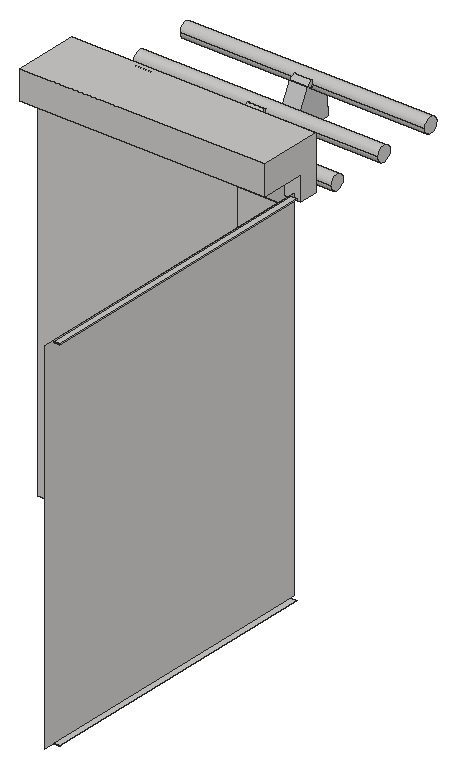
Revit family "QF_BOURGEAT_Self_meuble_de_facade", category Equipement spécialisé, Revit 2015
Parameters (values of type "element_lateral_droit")
  cote_gauche = yes
  cote_droit = no
  URL catalogue = "http://www.bourgeat.fr"
  URL = ""
  Type article = ""
  Spécification du Fabricant = "MEUBLE_DE_FACADE"
  Profondeur hors tout = 132 mm
  Modèle = "854407"
  Longueur hors tout = 500 mm
  Hauteur hors tout = 900 mm
  Fabricant = "BOURGEAT"
  Contact SAV = "0033(0)4.76.32.14.44"
Types (4, lengths in mm): name | cote_gauche | cote_droit | Modèle
  (no name) | yes | no | "854407"
  element_central | yes | yes | "854402"
  element_lateral_droit | yes | no | "854407"
  element_lateral_gauche | no | yes | "854408"
Reference planes
  plane 1 "Centre (avant/arrière)": y = 0
  plane 2: z = 128
  plane 3 "Centre (gauche/droite)": x = 0
  plane 4: x = -113
  plane 5: y = 636
  plane 6: x = -308
  plane 7: z = 838
  plane 8: y = 626
  plane 9: z = 129
  plane 10: x = -308
  plane 11: x = -308
  plane 12: y = 626
  plane 13: z = 900
  plane 14: z = 790
  plane 15: z = 840
  plane 16: y = 633.5
  plane 17: y = 765.5
  plane 18: y = 725.5
  plane 19: x = -58
  plane 20: x = -558
  plane 21: y = 749
  plane 22: x = -523
  plane 23: x = -93
  plane 24: z = 865
  plane 25: z = 863
  plane 26: z = 640
  plane 27: z = 128
  plane 28: y = 750
Forms (mm)
  Extrusion 1, solid, material "Acier inoxydable, brossé", visible <- "cote_gauche"
    sketch origin (0, 0, 0) x (1, 0, 0) y (0, 1, 0)
      loop
        line (0, 0) -> (0, 636) -> (-113, 636) -> (-113, 634.99) -> (-0.96, 634.99) -> (-0.96, 0) -> (0, 0)
    from 128 to 865
  Extrusion 2, void
    sketch origin (0, 0, 0) x (1, 0, 0) y (0, 0, 1)
      loop
        line (-615.04, 838) -> (-0.96, 838) -> (-0.96, 871.054) -> (-615.04, 871.054) -> (-615.04, 838)
    from -913.588 to -588.938
  Extrusion 3, solid, material "Acier inoxydable, brossé", visible <- "cote_gauche"
    sketch origin (0, 0, 0) x (1, 0, 0) y (0, 1, 0)
      loop
        line (-0.96, 19.99) -> (13.999, 19.99) -> (13.999, 626) -> (-0.96, 626) -> (-0.96, 19.99)
    from 863 to 865
  Extrusion 4, solid, material "Acier inoxydable, brossé", visible <- "cote_gauche"
    sketch origin (0, 0, 0) x (1, 0, 0) y (0, 1, 0)
      loop
        line (-0.96, 626) -> (-0.96, 19.99) -> (13.999, 19.99) -> (13.999, 626) -> (-0.96, 626)
    from 128 to 129
  Extrusion 5, solid, material "Acier inoxydable, brossé", visible <- "cote_droit"
    sketch origin (-616, 0, 0) x (-1, 0, 0) y (0, -1, 0)
      loop
        line (0, 0) -> (-0.96, 0) -> (-0.96, -634.99) -> (-113, -634.99) -> (-113, -636) -> (0, -636) -> (0, 0)
    from 128 to 865
  Extrusion 6, void
    sketch origin (-616, 0, 0) x (-1, 0, 0) y (0, 0, -1)
      loop
        line (-615.04, -838) -> (-615.04, -871.054) -> (-0.96, -871.054) -> (-0.96, -838) -> (-615.04, -838)
    from -913.588 to -588.938
  Extrusion 7, solid, material "Acier inoxydable, brossé", visible <- "cote_droit"
    sketch origin (-616, 0, 0) x (-1, 0, 0) y (0, -1, 0)
      loop
        line (-0.96, -19.99) -> (-0.96, -626) -> (13.999, -626) -> (13.999, -19.99) -> (-0.96, -19.99)
    from 863 to 865
  Extrusion 8, solid, material "Acier inoxydable, brossé", visible <- "cote_droit"
    sketch origin (-616, 0, 0) x (-1, 0, 0) y (0, -1, 0)
      loop
        line (-0.96, -626) -> (13.999, -626) -> (13.999, -19.99) -> (-0.96, -19.99) -> (-0.96, -626)
    from 128 to 129
  Extrusion 9, solid, material "Acier inoxydable, brossé"
    sketch origin (0, 0, 0) x (0, 1, 0) y (0, 0, 1)
      loop
        line (633.5, 900) -> (633.5, 840) -> (725.5, 840) -> (725.5, 790) -> (765.5, 790) -> (765.5, 900) -> (633.5, 900)
    from -58 to -558
  Extrusion 10, solid, material "Acier inoxydable, brossé"
    sketch origin (0, 0, 0) x (1, 0, 0) y (0, 1, 0)
      loop
        line (-523, 749) -> (-523, 636) -> (-93, 636) -> (-93, 749) -> (-523, 749)
    from 128 to 840
  Extrusion 11, void
    sketch origin (0, 0, 0) x (0, 1, 0) y (0, 0, 1)
      loop
        line (749, 790) -> (749, 840) -> (725.5, 840) -> (725.5, 790) -> (749, 790)
    from -93 to -523
  Extrusion 12, solid, material "Plastique vert"
    sketch origin (0, 0, 0) x (1, 0, 0) y (0, 0, 1)
      loop
        line (-93, 790) -> (-523, 790) -> (-523, 128) -> (-93, 128) -> (-93, 790)
    from -749 to -750
Cuts and joins
  Extrusion 2, Extrusion 6 cuts Extrusion 1
  Extrusion 6 cuts Extrusion 3
  Extrusion 6 cuts Extrusion 5
  Extrusion 6 cuts Extrusion 7
  Extrusion 11 cuts Extrusion 10
Dimensions and locks
  equal spacing: cut or joined group of Extrusion 6, Extrusion 7, plane 10, cut or joined group of Extrusion 3, Extrusion 6
  plane 21 to plane 5 = 113 mm
  plane 13 to plane 2 = 772 mm
  plane 13 to plane 15 = 60 mm
  plane 13 to plane 14 = 110 mm
  plane 24 to plane 7 = 27 mm  (x2)
  plane 13 to plane 24 = 35 mm
  plane 24 to plane 25 = 2 mm
  plane 13 to plane 26 = 260 mm
  locked: plane 9 to plane 2 at 1
  aligned and locked: plane 4 to Extrusion 1
  aligned and locked: plane 3 "Centre (gauche/droite)" to Extrusion 1
  aligned and locked: plane 1 "Centre (avant/arrière)" to Extrusion 1
  aligned and locked: plane 5 to Extrusion 1 sketch curve
  aligned and locked: Extrusion 2 sketch curve to plane 7
  aligned and locked: Extrusion 2 sketch curve to Extrusion 1
  aligned and locked: Extrusion 3 sketch curve to plane 8
  aligned and locked: Extrusion 4 sketch curve to Extrusion 3  (x4)
  aligned and locked: Extrusion 4 to plane 9
  aligned and locked: Extrusion 5 to Extrusion 6 sketch curve
  aligned and locked: Extrusion 7 sketch curve to plane 12
  aligned and locked: Extrusion 8 sketch curve to Extrusion 7  (x4)
  aligned and locked: Extrusion 9 sketch curve to plane 16
  aligned and locked: Extrusion 9 sketch curve to plane 15
  aligned and locked: Extrusion 9 sketch curve to plane 18
  aligned and locked: Extrusion 9 sketch curve to plane 14
  aligned and locked: plane 17 to Extrusion 9 sketch curve
  aligned and locked: plane 13 to Extrusion 9 sketch curve
  aligned and locked: plane 20 to Extrusion 9
  aligned and locked: plane 19 to Extrusion 9
  aligned and locked: Extrusion 10 sketch curve to plane 21
  aligned and locked: plane 22 to Extrusion 10 sketch curve
  aligned and locked: plane 5 to Extrusion 10 sketch curve
  aligned and locked: plane 23 to Extrusion 10 sketch curve
  aligned and locked: plane 24 to cut or joined group of Extrusion 5, Extrusion 6
  aligned and locked: cut or joined group of Extrusion 3, Extrusion 6 to plane 25
  aligned and locked: cut or joined group of Extrusion 6, Extrusion 7 to plane 25
  aligned and locked: Extrusion 10 to Extrusion 9
  aligned and locked: plane 26 to nested 1
  aligned and locked: plane 24 to cut or joined group of Extrusion 1, Extrusion 2, Extrusion 6
  aligned and locked: nested 1 to cut or joined group of Extrusion 10, Extrusion 11
  aligned and locked: plane 9 to Extrusion 8
  aligned and locked: cut or joined group of Extrusion 1, Extrusion 2, Extrusion 6 to plane 27
  aligned and locked: cut or joined group of Extrusion 5, Extrusion 6 to plane 27
  aligned and locked: Extrusion 4 to plane 27
  aligned and locked: Extrusion 8 to plane 27
  aligned and locked: cut or joined group of Extrusion 10, Extrusion 11 to plane 27
  aligned and locked: Extrusion 12 sketch curve to cut or joined group of Extrusion 10, Extrusion 11  (x2)
  aligned and locked: cut or joined group of Extrusion 10, Extrusion 11 to Extrusion 12 sketch curve
  aligned and locked: Extrusion 12 to plane 21
  aligned and locked: plane 28 to Extrusion 12
  aligned and locked: Extrusion 12 to Extrusion 9
Automatic sketch dimensions
  Extrusion 1 sketch curve to plane 4 = 0 mm
  plane 1 "Centre (avant/arrière)" to Extrusion 1 sketch curve = 0 mm
  Extrusion 1 sketch curve to plane 3 "Centre (gauche/droite)" = 0 mm
  Extrusion 1 sketch curve to plane 3 "Centre (gauche/droite)" = 0.96 mm
  Extrusion 1 sketch curve to plane 5 = 1.01 mm
  Extrusion 2 sketch curve to plane 10 = 307.04 mm
  Extrusion 2 sketch curve to plane 13 = 28.946 mm
  Extrusion 3 sketch curve to plane 3 "Centre (gauche/droite)" = 0.96 mm
  plane 3 "Centre (gauche/droite)" to Extrusion 3 sketch curve = 13.999 mm
  Extrusion 3 sketch curve to plane 1 "Centre (avant/arrière)" = 19.99 mm
  Extrusion 5 sketch curve to plane 5 = 0 mm
  plane 1 "Centre (avant/arrière)" to Extrusion 5 sketch curve = 0 mm
  plane 5 to Extrusion 5 sketch curve = 1.01 mm
  plane 10 to Extrusion 5 sketch curve = 195 mm
  plane 10 to Extrusion 5 sketch curve = 307.04 mm
  Extrusion 5 sketch curve to Extrusion 5 sketch curve = 0.96 mm
  Extrusion 6 sketch curve to plane 7 = 0 mm
  plane 3 "Centre (gauche/droite)" to Extrusion 6 sketch curve = 0.96 mm
  plane 13 to Extrusion 6 sketch curve = 28.946 mm
  plane 10 to Extrusion 7 sketch curve = 307.04 mm
  Extrusion 7 sketch curve to Extrusion 7 sketch curve = 14.959 mm
  plane 1 "Centre (avant/arrière)" to Extrusion 7 sketch curve = 19.99 mm
  Extrusion 11 sketch curve to plane 14 = 0 mm
  Extrusion 11 sketch curve to plane 18 = 0 mm
  plane 15 to Extrusion 11 sketch curve = 0 mm
  Extrusion 11 sketch curve to plane 21 = 0 mm
  Extrusion 12 sketch curve to plane 14 = 0 mm
Nested families
  nested 1: "barre_et_console" at (-308, 749, 465), type "barre_et_console"
Definition of nested family "barre_et_console"
  Parameters (values of type "barre_et_console")
    lg_ht = 544 mm
    lg_barre_console = lg_ht - 44 mm  # 500 mm
  Reference planes
    plane 1 "Centre (avant/arrière)": y = 0
    plane 2: z = 0
    plane 3 "Centre (gauche/droite)": x = 0
    plane 4: x = -250
    plane 5: x = 250
    plane 6: x = 0
    plane 7: z = 320.378
    plane 8: z = 175
  Dimensions and locks
    equal spacing: plane 4, plane 3 "Centre (gauche/droite)", plane 5
    "lg_barre_console": plane 4 to plane 5
    aligned and locked: level to plane 2
    aligned and locked: plane 6 to nested 1
    aligned and locked: plane 5 to nested 2
    aligned and locked: nested 2 to plane 4
    aligned and locked: plane 7 to nested 2
    aligned and locked: plane 3 "Centre (gauche/droite)" to plane 6
  Nested families
    nested 1: "console" at (0, 0, 0) x (0, 1, 0) z (0, 0, 1), type "console"
    nested 2: "barre" at (250, 0, 19.415) x (0, 1, 0) z (0, 0, 1), type "barre"
  Definition of nested family "console"
    Reference planes
      plane 1 "Centre (avant/arrière)": y = 0
      plane 2: z = 0
      plane 3 "Centre (gauche/droite)": x = 0
      plane 4: y = 18
      plane 5: y = -18
      plane 6: y = 0
    Forms (mm)
      Extrusion 1, solid
        sketch origin (-12.245, 0, 175) x (1, 0, 0) y (0, 0, 1)
          loop
            line (12.245, 100) -> (12.245, 0) -> (39.579, 4.82) -> (50.894, 44.279)
            arc (50.894, 44.279) -> (55.986, 52.254) -> (64.592, 56.187) r 16.714
            line (64.592, 56.187) -> (348.499, 69.146) -> (343.309, 143.358)
            arc (343.309, 143.358) -> (342.973, 144.595) -> (342.189, 145.609) r 3.292
            line (342.189, 145.609) -> (337.923, 148.439)
            arc (337.923, 148.439) -> (337.371, 148.545) -> (336.906, 148.229) r 0.731
            arc (336.906, 148.229) -> (320.176, 130.386) -> (309.012, 152.149) r 14.958
            arc (309.012, 152.149) -> (308.597, 152.587) -> (308.001, 152.491) r 0.646
            line (308.001, 152.491) -> (297.265, 144.401) -> (278.874, 108.385)
            arc (278.874, 108.385) -> (262.102, 99.164) -> (245.329, 108.385) r 19.864
            line (245.329, 108.385) -> (229.634, 139.188) -> (217.945, 148.321)
            arc (217.945, 148.321) -> (217.306, 148.53) -> (216.976, 147.944) r 0.53
            arc (216.976, 147.944) -> (200.124, 130.629) -> (188.973, 152.064) r 14.905
            arc (188.973, 152.064) -> (188.691, 152.524) -> (188.154, 152.476) r 0.511
            line (188.154, 152.476) -> (177.098, 144.144) -> (158.855, 108.341)
            arc (158.855, 108.341) -> (142.039, 98.901) -> (125.223, 108.341) r 19.698
            line (125.223, 108.341) -> (109.334, 139.526) -> (97.932, 148.434)
            arc (97.932, 148.434) -> (97.187, 148.438) -> (96.994, 147.718) r 0.61
            arc (96.994, 147.718) -> (79.923, 130.663) -> (69.024, 152.192) r 14.902
            arc (69.024, 152.192) -> (68.66, 152.548) -> (68.158, 152.464) r 0.563
            line (68.158, 152.464) -> (57.103, 144.336) -> (39.164, 108.745)
            arc (39.164, 108.745) -> (33.443, 102.448) -> (25.295, 100) r 15.908
            line (25.295, 100) -> (12.245, 100)
        from -18 to 18
    Dimensions and locks
      plane 4 to plane 5 = 36 mm
      equal spacing: plane 4, plane 6, plane 5, locked at 18 each
      aligned and locked: level to plane 2
      aligned and locked: plane 4 to Extrusion 1
      aligned and locked: Extrusion 1 to plane 5
      aligned and locked: plane 6 to plane 1 "Centre (avant/arrière)"
      aligned and locked: Extrusion 1 to plane 3 "Centre (gauche/droite)"
    Automatic sketch dimensions
      Extrusion 1 sketch curve to Extrusion 1 sketch curve = 12.714 mm
      Extrusion 1 sketch curve to Extrusion 1 sketch curve = 13.05 mm
      Extrusion 1 sketch curve to Extrusion 1 sketch curve = 14.206 mm
      Extrusion 1 sketch curve to Extrusion 1 sketch curve = 27.334 mm
      Extrusion 1 sketch curve to Extrusion 1 sketch curve = 11.315 mm
      Extrusion 1 sketch curve to Extrusion 1 sketch curve = 17.938 mm
      Extrusion 1 sketch curve to Extrusion 1 sketch curve = 13.698 mm
      Extrusion 1 sketch curve to Extrusion 1 sketch curve = 16.057 mm
      Extrusion 1 sketch curve to Extrusion 1 sketch curve = 11.055 mm
      Extrusion 1 sketch curve to Extrusion 1 sketch curve = 0.333 mm
      Extrusion 1 sketch curve to Extrusion 1 sketch curve = 13.785 mm
      Extrusion 1 sketch curve to Extrusion 1 sketch curve = 15.28 mm
      Extrusion 1 sketch curve to Extrusion 1 sketch curve = 0.376 mm
      Extrusion 1 sketch curve to Extrusion 1 sketch curve = 11.401 mm
      Extrusion 1 sketch curve to Extrusion 1 sketch curve = 15.89 mm
      Extrusion 1 sketch curve to Extrusion 1 sketch curve = 16.816 mm  (x2)
      Extrusion 1 sketch curve to Extrusion 1 sketch curve = 18.243 mm
      Extrusion 1 sketch curve to Extrusion 1 sketch curve = 11.057 mm
      Extrusion 1 sketch curve to Extrusion 1 sketch curve = 0.308 mm
      Extrusion 1 sketch curve to Extrusion 1 sketch curve = 13.831 mm
      Extrusion 1 sketch curve to Extrusion 1 sketch curve = 15.204 mm
      Extrusion 1 sketch curve to Extrusion 1 sketch curve = 0.447 mm
      Extrusion 1 sketch curve to Extrusion 1 sketch curve = 11.69 mm
      Extrusion 1 sketch curve to Extrusion 1 sketch curve = 15.695 mm
      Extrusion 1 sketch curve to Extrusion 1 sketch curve = 16.772 mm  (x2)
      Extrusion 1 sketch curve to Extrusion 1 sketch curve = 18.391 mm
      Extrusion 1 sketch curve to Extrusion 1 sketch curve = 10.737 mm
      Extrusion 1 sketch curve to Extrusion 1 sketch curve = 0.389 mm
      Extrusion 1 sketch curve to Extrusion 1 sketch curve = 13.868 mm
      Extrusion 1 sketch curve to Extrusion 1 sketch curve = 15.261 mm
      Extrusion 1 sketch curve to Extrusion 1 sketch curve = 0.404 mm
      Extrusion 1 sketch curve to Extrusion 1 sketch curve = 2.506 mm
      Extrusion 1 sketch curve to Extrusion 1 sketch curve = 2.164 mm
      Extrusion 1 sketch curve to Extrusion 1 sketch curve = 1.12 mm
      Extrusion 1 sketch curve to Extrusion 1 sketch curve = 5.189 mm
      Extrusion 1 sketch curve to Extrusion 1 sketch curve = 4.639 mm
      Extrusion 1 sketch curve to Extrusion 1 sketch curve = 55.721 mm
      Extrusion 1 sketch curve to Extrusion 1 sketch curve = 8.745 mm
      Extrusion 1 sketch curve to Extrusion 1 sketch curve = 10.259 mm
      Extrusion 1 sketch curve to Extrusion 1 sketch curve = 10.642 mm
      Extrusion 1 sketch curve to Extrusion 1 sketch curve = 9.133 mm
      Extrusion 1 sketch curve to Extrusion 1 sketch curve = 31.185 mm
      Extrusion 1 sketch curve to Extrusion 1 sketch curve = 35.803 mm
      Extrusion 1 sketch curve to Extrusion 1 sketch curve = 35.592 mm
      Extrusion 1 sketch curve to Extrusion 1 sketch curve = 3.24 mm
      Extrusion 1 sketch curve to Extrusion 1 sketch curve = 2.946 mm
      Extrusion 1 sketch curve to Extrusion 1 sketch curve = 1.042 mm
      Extrusion 1 sketch curve to Extrusion 1 sketch curve = 0.609 mm
      Extrusion 1 sketch curve to Extrusion 1 sketch curve = 8.427 mm
      Extrusion 1 sketch curve to Extrusion 1 sketch curve = 0.286 mm
      Extrusion 1 sketch curve to Extrusion 1 sketch curve = 0.481 mm
      Extrusion 1 sketch curve to Extrusion 1 sketch curve = 0.516 mm
      Extrusion 1 sketch curve to Extrusion 1 sketch curve = 7.674 mm
      Extrusion 1 sketch curve to Extrusion 1 sketch curve = 7.924 mm
      Extrusion 1 sketch curve to Extrusion 1 sketch curve = 0.453 mm
      Extrusion 1 sketch curve to Extrusion 1 sketch curve = 0.408 mm
      Extrusion 1 sketch curve to Extrusion 1 sketch curve = 0.533 mm
      Extrusion 1 sketch curve to Extrusion 1 sketch curve = 0.511 mm
      Extrusion 1 sketch curve to Extrusion 1 sketch curve = 0.622 mm
      Extrusion 1 sketch curve to Extrusion 1 sketch curve = 4.82 mm
      Extrusion 1 sketch curve to Extrusion 1 sketch curve = 34.82 mm
      Extrusion 1 sketch curve to Extrusion 1 sketch curve = 76.232 mm
      Extrusion 1 sketch curve to Extrusion 1 sketch curve = 37.038 mm
      Extrusion 1 sketch curve to Extrusion 1 sketch curve = 39.239 mm
      Extrusion 1 sketch curve to Extrusion 1 sketch curve = 30.803 mm
      Extrusion 1 sketch curve to Extrusion 1 sketch curve = 34.743 mm
      Extrusion 1 sketch curve to Extrusion 1 sketch curve = 0.23 mm
      Extrusion 1 sketch curve to Extrusion 1 sketch curve = 36.015 mm
      Extrusion 1 sketch curve to Extrusion 1 sketch curve = 2.071 mm
      Extrusion 1 sketch curve to Extrusion 1 sketch curve = 7.575 mm
      Extrusion 1 sketch curve to plane 3 "Centre (gauche/droite)" = 0 mm
      level to Extrusion 1 sketch curve = 175 mm
  Definition of nested family "barre"
    Parameters (values of type "barre")
      lg_barre = 500 mm
    Reference planes
      plane 1 "Centre (avant/arrière)": y = 0
      plane 2: z = 0
      plane 3 "Centre (gauche/droite)": x = 0
      plane 4: x = 70
      plane 5: x = 190
      plane 6: x = 309
      plane 7: z = 300.963
      plane 8: z = 94.658
      plane 9: y = 0
      plane 10: y = 500
    Forms (mm)
      Extrusion 1, solid
        sketch origin (0, 0, 0) x (1, 0, 0) y (0, 0, 1)
          loop
            circle (70, 300.963) r 15
          loop
            circle (190, 300.963) r 15
          loop
            circle (309, 300.963) r 15
        from 0 to -500
    Dimensions and locks
      plane 4 to plane 3 "Centre (gauche/droite)" = 70 mm
      plane 6 to plane 5 to plane 4 = 119 mm, 120 mm
      "lg_barre": plane 10 to plane 1 "Centre (avant/arrière)"
      aligned and locked: level to plane 2
      aligned and locked: Extrusion 1 to plane 9
      aligned and locked: plane 9 to plane 1 "Centre (avant/arrière)"
      aligned and locked: plane 10 to Extrusion 1
    Automatic sketch dimensions
      Extrusion 1 sketch curve to plane 4 = 0 mm
      Extrusion 1 sketch curve to plane 5 = 0 mm
      Extrusion 1 sketch curve to plane 6 = 0 mm
      Extrusion 1 sketch curve to plane 7 = 0 mm  (x3)
      radius of Extrusion 1 sketch curve = 15 mm  (x3)
